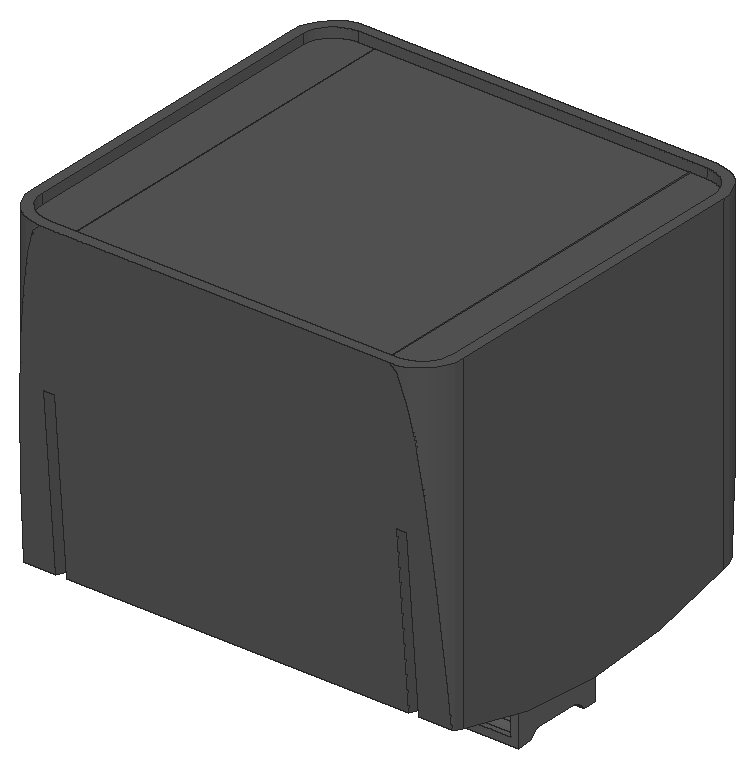
Revit family "Electronics_Desono_Biamp_Two-Way-Surface-Mount-Loudspeaker_KUBO5_KUBO5T", category Communication Devices, host Face, Revit 2020
Family settings
  Host = Face
  Maintain Annotation Orientation = No
  Round Connector Dimension = Use Diameter
  Part Type = Normal
  OmniClass Number = 23.85.10.11.14.14.14
  Cut with Voids When Loaded = No
  Shared = No
  Room Calculation Point = No
Parameters (values of type "KUBO5 B")
  Width = 0' - 6.45669"  # constant formula
  Weight = 3.74786 lbf
  URL = "https://www.biamp.com/"
  Transformer = ""
  Transducers = "LF 1 x 5.25 (133 mm) coated paper cone; HF 1 x 1 (25 mm) soft dome"  # constant formula
  Rotate angle [instance] = 0.00°
  Recommended Amplifers = "50W - 100W @ 8Ω (20V - 28V)"
  Protection = "3-step self-resetting protection"  # constant formula
  Product data url = "https://www.bimobject.com/biamp/product/kubo5_desono-surface-mount"
  Product Page URL = "https://www.biamp.com/products/product-families/desono/surface-mount-loudspeakers#kubo5"
  Product Documentation Link = "https://downloads.biamp.com/assets/docs/default-source/data-sheets/biamp_data_sheet_desono_kubo5_mar23.pdf"
  Position Note [instance] = "Please use values 1 and 2"  # constant formula
  Position [instance] = 1
  Operating Range (-10dB) = "115 Hz to 20 kHz"
  Operating Mode = "Passive"  # constant formula
  Operating Environment = "Indoor"  # constant formula
  Offset [instance] = if(Nom position = 1, 0' 3.34646", 0' 4.01575")  # 0' - 3.34646"
  Nominal Sensitivity @ 1m = "1W - 84dB; 2.83V - 84dB"
  Nominal Maximum SPL @ 1m = "Peak - 107dB; Continuous - 101dB"
  Nominal Beamwidth  (H x V) = "70° x 70°"
  Nom rotate [instance] = if(and(Position = 1, or(Rotate angle < -70.00°, Rotate angle = -70.00°)), -70.00°, if(and(Position = 1, and(Rotate angle > -70.00°, Rotate angle < -35.00°)), -35.00°, if(and(Position = 1, Rotate angle = -35.00°), -35.00°, if(and(Position = 1, and(Rotate angle > -35.00°, Rotate angle < 35.00°)), Rotate angle, if(and(Position = 1, Rotate angle = 35.00°), 35.00°, if(and(Position = 1, and(Rotate angle > 35.00°, Rotate angle < 70.00°)), 35.00°, if(and(Position = 1, or(Rotate angle > 70.00°, Rotate angle = 70.00°)), 70.00°, if(and(Position = 2, or(Rotate angle < -70.00°, Rotate angle = -70.00°)), -70.00°, if(and(Position = 2, and(Rotate angle > -70.00°, Rotate angle < 70.00°)), Rotate angle, if(and(Position = 2, or(Rotate angle > 70.00°, Rotate angle = 70.00°)), 70.00°, 0.00°))))))))))  # 0.00°
  Nom position [instance] = if(Position = 1, 1, 2)  # 1
  Mounting Provisions = "U-bracket"  # constant formula
  Model = "KUBO5 B"
  Manufacturer = "Biamp"  # constant formula
  Input Connection = "(2x) 2-way Euroblock connectors for daisy-chaining;connectors accept up to 12 AWG (2.5 mm²)conductors"  # constant formula
  Housing Material = Biamp - Plastic - Black
  Height = 0' - 6.10236"  # constant formula
  Grill Material = Biamp - Plastic - Black(Grid)
  Environmental = "IP40 per IEC 60529"  # constant formula
  Description = "Desono™ KUBO5 Two-Way 5.25-Inch Surface Mount Loudspeaker"
  Depth = 0' - 5.35433"  # constant formula
  Default Elevation = 4' - 0"
  Controls = ""
  Continuous Power Handling Nominal Impedance = "20V; 50W @ 8Ω (200W peak)"
  Connector Description = "2-way Euroblock; 20V 50W 8Ω (200W peak)"
  Bracket Material = Biamp - Metal - Black
Types (5): name | Weight | Transformer | Recommended Amplifers | Product data url | Product Page URL | Product Documentation Link | Operating Range (-10dB) | Nominal Sensitivity @ 1m | Nominal Maximum SPL @ 1m | Nominal Beamwidth  (H x V) | Model | Housing Material | Grill Material | Description | Controls | Continuous Power Handling Nominal Impedance | Connector Description | Bracket Material
  (no name) | 3.74786 lbf | "" | "50W - 100W @ 8Ω (20V - 28V)" | "https://www.bimobject.com/biamp/product/kubo5_desono-surface-mount" | "https://www.biamp.com/products/product-families/desono/surface-mount-loudspeakers#kubo5" | "https://downloads.biamp.com/assets/docs/default-source/data-sheets/biamp_data_sheet_desono_kubo5_mar23.pdf" | "115 Hz to 20 kHz" | "1W - 84dB; 2.83V - 84dB" | "Peak - 107dB; Continuous - 101dB" | "70° x 70°" | "KUBO5 B" | Biamp - Plastic - Black | Biamp - Plastic - Black(Grid) | "Desono™ KUBO5 Two-Way 5.25-Inch Surface Mount Loudspeaker" | "" | "20V; 50W @ 8Ω (200W peak)" | "2-way Euroblock; 20V 50W 8Ω (200W peak)" | Biamp - Metal - Black
  KUBO5 B | 3.74786 lbf | "" | "50W - 100W @ 8Ω (20V - 28V)" | "https://www.bimobject.com/biamp/product/kubo5_desono-surface-mount" | "https://www.biamp.com/products/product-families/desono/surface-mount-loudspeakers#kubo5" | "https://downloads.biamp.com/assets/docs/default-source/data-sheets/biamp_data_sheet_desono_kubo5_mar23.pdf" | "115 Hz to 20 kHz" | "1W - 84dB; 2.83V - 84dB" | "Peak - 107dB; Continuous - 101dB" | "70° x 70°" | "KUBO5 B" | Biamp - Plastic - Black | Biamp - Plastic - Black(Grid) | "Desono™ KUBO5 Two-Way 5.25-Inch Surface Mount Loudspeaker" | "" | "20V; 50W @ 8Ω (200W peak)" | "2-way Euroblock; 20V 50W 8Ω (200W peak)" | Biamp - Metal - Black
  KUBO5 W | 3.74786 lbf | "" | "50W - 100W @ 8Ω (20V - 28V)" | "https://www.bimobject.com/biamp/product/kubo5_desono-surface-mount" | "https://www.biamp.com/products/product-families/desono/surface-mount-loudspeakers#kubo5" | "https://downloads.biamp.com/assets/docs/default-source/data-sheets/biamp_data_sheet_desono_kubo5_mar23.pdf" | "115 Hz to 20 kHz" | "1W - 84dB; 2.83V - 84dB" | "Peak - 107dB; Continuous - 101dB" | "70° x 70°" | "KUBO5 W" | Biamp - Plastic - White | Biamp - Plastic - White(Grid) | "Desono™ KUBO5 Two-Way 5.25-Inch Surface Mount Loudspeaker" | "" | "20V; 50W @ 8Ω (200W peak)" | "2-way Euroblock; 20V 50W 8Ω (200W peak)" | Biamp - Metal - White
  KUBO5T W | 4.41 lbf | "70V: 10W, 5W, 2.5W, 1.25W;100V: 10W, 5W, 2.5W" | "50W - 100W @ 16Ω (28V - 40V)" | "https://www.bimobject.com/biamp/product/kubo5t_desono-surface-mount" | "https://www.biamp.com/products/product-families/desono/surface-mount-loudspeakers#kubo5t" | "https://downloads.biamp.com/assets/docs/default-source/data-sheets/biamp_data_sheet_kubo5t_loudspeaker_mar23.pdf" | "94 Hz to 20 kHz" | "1W - 87dB; 2.83V - 84dB" | "Peak - 110dB; Continuous - 104dB" | "80° x 80°" | "KUBO5T W" | Biamp - Plastic - White | Biamp - Plastic - White(Grid) | "Desono™ KUBO5T Two-Way 5.25-Inch Surface Mount Loudspeaker" | "Power tap / low impedance selector switch" | "28V; 50W @ 16Ω (200W peak)" | "2-way Euroblock; Low impedance 16 ohms, 70V/100V operation" | Biamp - Metal - White
  KUBO5T B | 4.40925 lbf | "70V: 10W, 5W, 2.5W, 1.25W;100V: 10W, 5W, 2.5W" | "50W - 100W @ 16Ω (28V - 40V)" | "https://www.bimobject.com/biamp/product/kubo5t_desono-surface-mount" | "https://www.biamp.com/products/product-families/desono/surface-mount-loudspeakers#kubo5t" | "https://downloads.biamp.com/assets/docs/default-source/data-sheets/biamp_data_sheet_kubo5t_loudspeaker_mar23.pdf" | "94 Hz to 20 kHz" | "1W - 87dB; 2.83V - 84dB" | "Peak - 110dB; Continuous - 104dB" | "80° x 80°" | "KUBO5T B" | Biamp - Plastic - Black | Biamp - Plastic - Black(Grid) | "Desono™ KUBO5T Two-Way 5.25-Inch Surface Mount Loudspeaker" | "Power tap / low impedance selector switch" | "28V; 50W @ 16Ω (200W peak)" | "2-way Euroblock; Low impedance 16 ohms, 70V/100V operation" | Biamp - Metal - Black
Reference planes (in)
  plane 1 "Center (Front/Back)": y = 0
  plane 2: z = 0
  plane 3 "Center (Left/Right)": x = 0
  plane 4: z = 3.34646
Forms (in)
  Sweep 1, solid, material "Biamp - Metal - Black" <- "Bracket Material", detail levels coarse
    path origin (0, 0, 0) x (1, 0, 0) y (0, 1, 0)
      loop
        line (0, -0.70866) -> (0, 0.70866)
    profile origin (0, 0, 0) x (-1, 0, 0) y (0, 0, 1)
      loop
        line (2.67717, 0) -> (2.67717, 4.45374) -> (2.55906, 4.45374) -> (2.55906, 0.11811) -> (-2.55906, 0.11811) -> (-2.55906, 4.45374) -> (-2.67717, 4.45374) -> (-2.67717, 0) -> (2.67717, 0)
  Sweep 2, solid, material "Biamp - Metal - Black" <- "Bracket Material", detail levels medium+fine
    path origin (0.57087, 0, 0) x (1, 0, 0) y (0, 1, 0)
      loop
        line (-3.24803, 0) -> (2.1063, 0)
    profile origin (0, 0, 0) x (0, 1, 0) y (0, 0, 1)
      loop
        line (0.70866, 0) -> (0.70866, 0.11811) -> (0.6285, 0.11811)
        arc (0.6285, 0.11811) -> (0.55776, 0.13218) -> (0.4978, 0.17225) r 0.18483
        line (0.4978, 0.17225) -> (0.46414, 0.2059)
        arc (0.46414, 0.2059) -> (0.42616, 0.23129) -> (0.38135, 0.2402) r 0.11709
        line (0.38135, 0.2402) -> (-0.38135, 0.2402)
        arc (-0.38135, 0.2402) -> (-0.42616, 0.23129) -> (-0.46414, 0.2059) r 0.11709
        line (-0.46414, 0.2059) -> (-0.4978, 0.17225)
        arc (-0.4978, 0.17225) -> (-0.55776, 0.13218) -> (-0.6285, 0.11811) r 0.18483
        line (-0.6285, 0.11811) -> (-0.70866, 0.11811) -> (-0.70866, 0) -> (-0.55562, 0)
        arc (-0.55562, 0) -> (-0.50702, 0.00967) -> (-0.46582, 0.0372) r 0.12699
        line (-0.46582, 0.0372) -> (-0.39324, 0.10977)
        arc (-0.39324, 0.10977) -> (-0.3796, 0.11889) -> (-0.3635, 0.12209) r 0.04206
        line (-0.3635, 0.12209) -> (0.3635, 0.12209)
        arc (0.3635, 0.12209) -> (0.3796, 0.11889) -> (0.39324, 0.10977) r 0.04206
        line (0.39324, 0.10977) -> (0.46582, 0.0372)
        arc (0.46582, 0.0372) -> (0.50702, 0.00967) -> (0.55562, 0) r 0.12699
        line (0.55562, 0) -> (0.70866, 0)
  Sweep 3, solid, material "Biamp - Metal - Black" <- "Bracket Material", detail levels medium+fine
    path origin (-0.57087, 0, 0) x (1, 0, 0) y (0, 1, 0)
      loop
        line (-2.1063, 0) -> (-1.98819, 0)
    profile origin (-2.61811, 0, 0) x (0, 1, 0) y (0, 0, 1)
      loop
        line (0.70866, 0.11811) -> (0.70866, 3.74508)
        arc (0.70866, 3.74508) -> (0, 4.45374) -> (-0.70866, 3.74508) r 0.70866
        line (-0.70866, 3.74508) -> (-0.70866, 0.11811) -> (-0.6285, 0.11811)
        arc (-0.6285, 0.11811) -> (-0.55776, 0.13218) -> (-0.4978, 0.17225) r 0.18483
        line (-0.4978, 0.17225) -> (-0.46414, 0.2059)
        arc (-0.46414, 0.2059) -> (-0.42616, 0.23129) -> (-0.38135, 0.2402) r 0.11709
        line (-0.38135, 0.2402) -> (0.38135, 0.2402)
        arc (0.38135, 0.2402) -> (0.42616, 0.23129) -> (0.46414, 0.2059) r 0.11709
        line (0.46414, 0.2059) -> (0.4978, 0.17225)
        arc (0.4978, 0.17225) -> (0.55776, 0.13218) -> (0.6285, 0.11811) r 0.18483
        line (0.6285, 0.11811) -> (0.70866, 0.11811)
  Sweep 4, solid, material "Biamp - Metal - Black" <- "Bracket Material", detail levels medium+fine
    path origin (0.57087, 0, 0) x (-1, 0, 0) y (0, 1, 0)
      loop
        line (-2.1063, 0) -> (-1.98819, 0)
    profile origin (2.61811, 0, 0) x (0, -1, 0) y (0, 0, 1)
      loop
        line (-0.70866, 0.11811) -> (-0.6285, 0.11811)
        arc (-0.6285, 0.11811) -> (-0.55776, 0.13218) -> (-0.4978, 0.17225) r 0.18483
        line (-0.4978, 0.17225) -> (-0.46414, 0.2059)
        arc (-0.46414, 0.2059) -> (-0.42616, 0.23129) -> (-0.38135, 0.2402) r 0.11709
        line (-0.38135, 0.2402) -> (0.38135, 0.2402)
        arc (0.38135, 0.2402) -> (0.42616, 0.23129) -> (0.46414, 0.2059) r 0.11709
        line (0.46414, 0.2059) -> (0.4978, 0.17225)
        arc (0.4978, 0.17225) -> (0.55776, 0.13218) -> (0.6285, 0.11811) r 0.18483
        line (0.6285, 0.11811) -> (0.70866, 0.11811) -> (0.70866, 3.74508)
        arc (0.70866, 3.74508) -> (0, 4.45374) -> (-0.70866, 3.74508) r 0.70866
        line (-0.70866, 3.74508) -> (-0.70866, 0.11811)
  Extrusion 5, void
    sketch origin (0.57087, 0, 0) x (1, 0, 0) y (0, 1, 0)
      loop
        arc (-1.69632, 0.09434) -> (-1.74014, 0.07619) -> (-1.75829, 0.03237) r 0.06197
        line (-1.75829, 0.03237) -> (-1.75829, -0.03237)
        arc (-1.75829, -0.03237) -> (-1.74014, -0.07619) -> (-1.69632, -0.09434) r 0.06197
        line (-1.69632, -0.09434) -> (-1.47577, -0.09434)
        arc (-1.47577, -0.09434) -> (-1.43195, -0.07619) -> (-1.4138, -0.03237) r 0.06197
        line (-1.4138, -0.03237) -> (-1.4138, 0.03237)
        arc (-1.4138, 0.03237) -> (-1.43195, 0.07619) -> (-1.47577, 0.09434) r 0.06197
        line (-1.47577, 0.09434) -> (-1.69632, 0.09434)
      loop
        line (1.4917, 0.11027) -> (1.4917, -0.11027)
        arc (1.4917, -0.11027) -> (1.50985, -0.15409) -> (1.55367, -0.17224) r 0.06197
        line (1.55367, -0.17224) -> (1.61842, -0.17224)
        arc (1.61842, -0.17224) -> (1.66224, -0.15409) -> (1.68039, -0.11027) r 0.06197
        line (1.68039, -0.11027) -> (1.68039, 0.11027)
        arc (1.68039, 0.11027) -> (1.66224, 0.15409) -> (1.61842, 0.17224) r 0.06197
        line (1.61842, 0.17224) -> (1.55367, 0.17224)
        arc (1.55367, 0.17224) -> (1.50985, 0.15409) -> (1.4917, 0.11027) r 0.06197
      loop
        arc (-0.87093, -0.12033) -> (-0.84131, -0.19184) -> (-0.7698, -0.22146) r 0.10113
        line (-0.7698, -0.22146) -> (0.7698, -0.22146)
        arc (0.7698, -0.22146) -> (0.84131, -0.19184) -> (0.87093, -0.12033) r 0.10113
        line (0.87093, -0.12033) -> (0.87093, 0.12033)
        arc (0.87093, 0.12033) -> (0.84131, 0.19184) -> (0.7698, 0.22146) r 0.10113
        line (0.7698, 0.22146) -> (-0.7698, 0.22146)
        arc (-0.7698, 0.22146) -> (-0.84131, 0.19184) -> (-0.87093, 0.12033) r 0.10113
        line (-0.87093, 0.12033) -> (-0.87093, -0.12033)
    from 0 to 1.14612
Cuts and joins
  Extrusion 5 cuts Sweep 2
  Extrusion 5 cuts Sweep 3
  Extrusion 5 cuts Sweep 4
  joined: Sweep 2, Sweep 3, Sweep 4
  Extrusion 5 cuts Sweep 1
Lines and regions (in)
  Masking region 1
    outline origin (0, 0, 0) x (1, 0, 0) y (0, 0, 1)
      loop
        line (-2.67717, 4.45374) -> (-2.67717, 0) -> (2.67717, 0) -> (2.67717, 4.45374) -> (2.55906, 4.45374) -> (2.55906, 0.11811) -> (-2.55906, 0.11811) -> (-2.55906, 4.45374) -> (-2.67717, 4.45374)
  Masking region 2
    outline origin (0, 0, 0) x (0, 1, 0) y (0, 0, 1)
      loop
        line (0.70866, 0) -> (0.70866, 2.22687) -> (-0.70866, 2.22687) -> (-0.70866, 0) -> (-0.55562, 0)
        arc (-0.55562, 0) -> (-0.50702, 0.00967) -> (-0.46582, 0.0372) r 0.12699
        line (-0.46582, 0.0372) -> (-0.39324, 0.10977)
        arc (-0.39324, 0.10977) -> (-0.3796, 0.11889) -> (-0.3635, 0.12209) r 0.04206
        line (-0.3635, 0.12209) -> (0.3635, 0.12209)
        arc (0.3635, 0.12209) -> (0.3796, 0.11889) -> (0.39324, 0.10977) r 0.04206
        line (0.39324, 0.10977) -> (0.46582, 0.0372)
        arc (0.46582, 0.0372) -> (0.50702, 0.00967) -> (0.55562, 0) r 0.12699
        line (0.55562, 0) -> (0.70866, 0)
  reference lines
    curve 1: line (0, 0, 3.34646) -> (0, 0, 9.25197)
Dimensions and locks (in)
  "Offset": plane 4 to plane 2
  "Nom rotate": angle curve 1 to plane 1 "Center (Front/Back)"
  aligned and locked: plane 2 to host face
  aligned and locked: level to host face
  aligned and locked: plane 4 to curve 1
  aligned and locked: plane 1 "Center (Front/Back)" to curve 1
Automatic sketch dimensions
  host sketch curve to host sketch curve = 8' - 0"  (x2)
  Sweep 1 sketch curve to plane 3 "Center (Left/Right)" = 0' - 0"
  plane 1 "Center (Front/Back)" to Sweep 1 sketch curve = 0' - 0.70866"
  Sweep 1 sketch curve to plane 1 "Center (Front/Back)" = 0' - 0.70866"
  Sweep 1 sketch curve to level = 0' - 0"
  profile plane to Sweep 1 sketch curve = 0' - 2.67717"
  Sweep 1 sketch curve to Sweep 1 sketch curve = 0' - 0.11811"  (x2)
  level to Sweep 1 sketch curve = 0' - 0.11811"
  Sweep 1 sketch curve to profile plane = 0' - 2.55906"
  Sweep 1 sketch curve to Sweep 1 sketch curve = 0' - 4.33563"  (x2)
  plane 1 "Center (Front/Back)" to Sweep 2 sketch curve = 0' - 0"
  Sweep 2 sketch curve to plane 3 "Center (Left/Right)" = 0' - 2.67717"
  plane 3 "Center (Left/Right)" to Sweep 2 sketch curve = 0' - 2.67717"
  Sweep 2 sketch curve to level = 0' - 0"  (x2)
  profile plane to Sweep 2 sketch curve = 0' - 0.70866"
  Sweep 2 sketch curve to Sweep 2 sketch curve = 0' - 0.08017"  (x2)
  Sweep 2 sketch curve to Sweep 2 sketch curve = 0' - 0.07288"
  level to Sweep 2 sketch curve = 0' - 0.17225"  (x2)
  Sweep 2 sketch curve to Sweep 2 sketch curve = 0' - 0.05782"
  level to Sweep 2 sketch curve = 0' - 0.0372"  (x2)
  Sweep 2 sketch curve to Sweep 2 sketch curve = 0' - 0.0898"  (x2)
  level to Sweep 2 sketch curve = 0' - 0.2059"  (x2)
  Sweep 2 sketch curve to Sweep 2 sketch curve = 0' - 0.03366"  (x2)
  level to Sweep 2 sketch curve = 0' - 0.10977"  (x2)
  Sweep 2 sketch curve to Sweep 2 sketch curve = 0' - 0.07257"  (x2)
  Sweep 2 sketch curve to Sweep 2 sketch curve = 0' - 0.0119"  (x2)
  Sweep 2 sketch curve to Sweep 2 sketch curve = 0' - 0.02974"  (x2)
  Sweep 2 sketch curve to profile plane = 0' - 0.3635"
  Sweep 2 sketch curve to Sweep 2 sketch curve = 0' - 0.01784"
  Sweep 2 sketch curve to Sweep 2 sketch curve = 0' - 0.0828"
  Sweep 2 sketch curve to Sweep 2 sketch curve = 0' - 0.13069"
  Sweep 2 sketch curve to Sweep 2 sketch curve = 0' - 0.00888"
  Sweep 2 sketch curve to Sweep 2 sketch curve = 0' - 0.11811"
  Sweep 2 sketch curve to Sweep 2 sketch curve = 0' - 0.01334"
  plane 1 "Center (Front/Back)" to Sweep 3 sketch curve = 0' - 0"
  Sweep 3 sketch curve to plane 3 "Center (Left/Right)" = 0' - 2.67717"
  Sweep 3 sketch curve to Sweep 3 sketch curve = 0' - 0.11811"
  Sweep 3 sketch curve to profile plane = 0' - 0"
  level to Sweep 3 sketch curve = 0' - 0.2402"
  profile plane to Sweep 3 sketch curve = 0' - 0.38135"
  level to Sweep 3 sketch curve = 0' - 0.2059"  (x2)
  Sweep 3 sketch curve to Sweep 3 sketch curve = 0' - 0.0828"
  level to Sweep 3 sketch curve = 0' - 0.17225"  (x2)
  Sweep 3 sketch curve to Sweep 3 sketch curve = 0' - 0.03366"  (x2)
  Sweep 3 sketch curve to Sweep 3 sketch curve = 0' - 0.13069"
  Sweep 3 sketch curve to Sweep 3 sketch curve = 0' - 0.08017"  (x2)
  level to Sweep 3 sketch curve = 0' - 0.1231"
  Sweep 3 sketch curve to Sweep 3 sketch curve = 0' - 0.32732"
  level to Sweep 3 sketch curve = 0' - 0.11811"  (x2)
  Sweep 3 sketch curve to Sweep 3 sketch curve = 0' - 3.44214"
  plane 1 "Center (Front/Back)" to Sweep 4 sketch curve = 0' - 0"
  Sweep 4 sketch curve to plane 3 "Center (Left/Right)" = 0' - 2.67717"
  Sweep 4 sketch curve to Sweep 4 sketch curve = 0' - 0.11811"
  Sweep 4 sketch curve to profile plane = 0' - 0"
  level to Sweep 4 sketch curve = 0' - 0.1231"
  profile plane to Sweep 4 sketch curve = 0' - 0.38135"
  level to Sweep 4 sketch curve = 0' - 0.2059"  (x2)
  Sweep 4 sketch curve to Sweep 4 sketch curve = 0' - 0.0828"  (x2)
  level to Sweep 4 sketch curve = 0' - 0.17225"  (x2)
  Sweep 4 sketch curve to Sweep 4 sketch curve = 0' - 0.03366"  (x2)
  Sweep 4 sketch curve to Sweep 4 sketch curve = 0' - 0.13069"  (x2)
  Sweep 4 sketch curve to Sweep 4 sketch curve = 0' - 0.08017"
  Sweep 4 sketch curve to Sweep 4 sketch curve = 0' - 0.32732"
  level to Sweep 4 sketch curve = 0' - 0.11811"  (x2)
  Sweep 4 sketch curve to Sweep 4 sketch curve = 0' - 3.44214"
  plane 1 "Center (Front/Back)" to Extrusion 5 sketch curve = 0' - 0.03237"  (x2)
  Extrusion 5 sketch curve to plane 3 "Center (Left/Right)" = 0' - 1.18742"
  Extrusion 5 sketch curve to Extrusion 5 sketch curve = 0' - 0.06197"  (x5)
  Extrusion 5 sketch curve to plane 1 "Center (Front/Back)" = 0' - 0.03237"
  Extrusion 5 sketch curve to Extrusion 5 sketch curve = 0' - 0.22055"
  Extrusion 5 sketch curve to Extrusion 5 sketch curve = 0' - 0"  (x2)
  Extrusion 5 sketch curve to plane 1 "Center (Front/Back)" = 0' - 0.12033"
  Extrusion 5 sketch curve to Extrusion 5 sketch curve = 0' - 0.54288"
  Extrusion 5 sketch curve to Extrusion 5 sketch curve = 0' - 0.10113"  (x3)
  plane 3 "Center (Left/Right)" to Extrusion 5 sketch curve = 0' - 1.34066"
  plane 1 "Center (Front/Back)" to Extrusion 5 sketch curve = 0' - 0.12033"
  plane 1 "Center (Front/Back)" to Extrusion 5 sketch curve = 0' - 0.11027"
  Extrusion 5 sketch curve to Extrusion 5 sketch curve = 0' - 0.62078"
  Extrusion 5 sketch curve to Extrusion 5 sketch curve = 0' - 0.06475"  (x2)
  Extrusion 5 sketch curve to plane 1 "Center (Front/Back)" = 0' - 0.11027"
  Masking region 1 sketch curve to level = 0' - 0"
  plane 4 to Masking region 1 sketch curve = 0' - 1.10728"  (x2)
  Masking region 1 sketch curve to plane 3 "Center (Left/Right)" = 0' - 2.67717"
  Masking region 1 sketch curve to Masking region 1 sketch curve = 0' - 0.11811"  (x2)
  level to Masking region 1 sketch curve = 0' - 0.11811"
  plane 3 "Center (Left/Right)" to Masking region 1 sketch curve = 0' - 2.55906"
  Masking region 2 sketch curve to level = 0' - 0"  (x2)
  plane 1 "Center (Front/Back)" to Masking region 2 sketch curve = 0' - 0.70866"
  Masking region 2 sketch curve to Masking region 2 sketch curve = 0' - 0.15304"
  level to Masking region 2 sketch curve = 0' - 0.0372"  (x2)
  Masking region 2 sketch curve to Masking region 2 sketch curve = 0' - 0.0898"
  level to Masking region 2 sketch curve = 0' - 0.10977"  (x2)
  Masking region 2 sketch curve to Masking region 2 sketch curve = 0' - 0.07257"  (x2)
  Masking region 2 sketch curve to Masking region 2 sketch curve = 0' - 0.02974"  (x3)
  Masking region 2 sketch curve to plane 1 "Center (Front/Back)" = 0' - 0.3635"
  level to Masking region 2 sketch curve = 0' - 0.12699"
  Masking region 2 sketch curve to plane 1 "Center (Front/Back)" = 0' - 0.70866"
  Masking region 2 sketch curve to plane 4 = 0' - 1.11959"
Nested families (in)
  nested 1: "KUBO5" at (0, 0, 0.82677), Grill <- "Grill Material", Housing Material <- "Housing Material", type "KUBO3"
    with Housing Material Biamp - Plastic - Black, Grill Biamp - Plastic - Black(Grid)
Connectors (in)
  electrical at (0.51643, 0, 1.18983), driven by "Connector Description"
    settings: on nested 1, index 1, voltage 0 V, apparent load 0 VA, apparent load phase1 0 VA, apparent load phase2 0 VA, apparent load phase3 0 VA, power factor 1, load classification "Other", number of poles 1, system type 5, power factor state 1, is connector primary yes, connector utility no, sub classification motor no, connector description "2-way Euroblock; 20V 50W 8Ω (200W peak)"
  electrical at (-0.51643, 0, 1.18983)
    settings: on nested 1, index 2, voltage 0 V, apparent load 0 VA, apparent load phase1 0 VA, apparent load phase2 0 VA, apparent load phase3 0 VA, power factor 1, load classification "Other", number of poles 1, system type 5, power factor state 1, is connector primary no, connector utility no, sub classification motor no, connector description "2-way Euroblock; 20V 50W 8Ω (200W peak)"
Definition of nested family "KUBO5"
  Parameters (values of type "KUBO3")
    Housing Material [instance] = none
    Grill [instance] = none
    Default Elevation = 4' - 0"
  Reference planes (in)
    plane 1 "Center (Front/Back)": y = 0
    plane 2: z = 0
    plane 3 "Center (Left/Right)": x = 0
  Forms (in)
    Extrusion 1, solid, material <- "Housing Material", detail levels coarse
      sketch origin (0, 0, 0) x (0, 1, 0) y (0, 0, 1)
        loop
          line (3.05118, 5.3509) -> (-3.05118, 5.3509) -> (-2.62227, 0.44837)
          arc (-2.62227, 0.44837) -> (0, 0) -> (2.62227, 0.44837) r 7.89224
          line (2.62227, 0.44837) -> (3.05118, 5.3509)
      from -3.22835 to 3.22835
    Extrusion 2, solid, material <- "Housing Material", detail levels medium+fine
      sketch origin (0, 0, 0) x (0, 1, 0) y (0, 0, 1)
        loop
          line (3.05118, 5.3509) -> (-3.05118, 5.3509) -> (-2.62227, 0.44837)
          arc (-2.62227, 0.44837) -> (0, 0) -> (2.62227, 0.44837) r 7.89224
          line (2.62227, 0.44837) -> (3.05118, 5.3509)
      from -3.22835 to 3.22835
    Extrusion 3, void
      sketch origin (0, 0, 0) x (1, 0, 0) y (0, 1, 0)
        loop
          arc (-3.22835, 2.43999) -> (-3.04933, 2.87217) -> (-2.61716, 3.05118) r 0.61119
          line (-2.61716, 3.05118) -> (-3.22835, 3.05118) -> (-3.22835, 2.43999)
        loop
          line (3.22835, 2.43999) -> (3.22835, 3.05118) -> (2.61716, 3.05118)
          arc (2.61716, 3.05118) -> (3.04933, 2.87217) -> (3.22835, 2.43999) r 0.61119
        loop
          line (-3.22835, -2.43999) -> (-3.22835, -3.05118) -> (-2.61716, -3.05118)
          arc (-2.61716, -3.05118) -> (-3.04933, -2.87217) -> (-3.22835, -2.43999) r 0.61119
        loop
          arc (3.22835, -2.43999) -> (3.04933, -2.87217) -> (2.61716, -3.05118) r 0.61119
          line (2.61716, -3.05118) -> (3.22835, -3.05118) -> (3.22835, -2.43999)
      from 0 to 5.61502
    Extrusion 4, void
      sketch origin (0, 0, 0) x (1, 0, 0) y (0, 1, 0)
        loop
          arc (-2.61716, 2.8937) -> (-2.93798, 2.76081) -> (-3.07087, 2.43999) r 0.45371
          line (-3.07087, 2.43999) -> (-3.07087, -2.43999)
          arc (-3.07087, -2.43999) -> (-2.93798, -2.76081) -> (-2.61716, -2.8937) r 0.45371
          line (-2.61716, -2.8937) -> (2.61716, -2.8937)
          arc (2.61716, -2.8937) -> (2.93798, -2.76081) -> (3.07087, -2.43999) r 0.45371
          line (3.07087, -2.43999) -> (3.07087, 2.43999)
          arc (3.07087, 2.43999) -> (2.93798, 2.76081) -> (2.61716, 2.8937) r 0.45371
          line (2.61716, 2.8937) -> (-2.61716, 2.8937)
      from 5.20658 to 5.3509
    Extrusion 5, solid, material <- "Grill", detail levels medium+fine
      sketch origin (0, 0, 0) x (1, 0, 0) y (0, 1, 0)
        loop
          line (-2.3622, 2.8937) -> (-2.3622, -2.8937) -> (2.3622, -2.8937) -> (2.3622, 2.8937) -> (-2.3622, 2.8937)
      from 5.07669 to 5.20658
    Extrusion 6, void, detail levels medium+fine
      sketch origin (0, 0, 0) x (1, 0, 0) y (0, 1, 0)
        loop
          line (-2.3622, 2.8937) -> (-2.3622, -2.8937) -> (2.3622, -2.8937) -> (2.3622, 2.8937) -> (-2.3622, 2.8937)
      from 5.07669 to 5.20658
    Extrusion 7, void
      sketch origin (0, 0, 0) x (1, 0, 0) y (0, 0, 1)
        loop
          line (-1.64925, -0.00343) -> (0, -0.00343) -> (1.64925, -0.00343)
          arc (1.64925, -0.00343) -> (1.38581, 0.18266) -> (1.07003, 0.24832) r 0.79222
          line (1.07003, 0.24832) -> (0, 0.24832) -> (-1.07003, 0.24832)
          arc (-1.07003, 0.24832) -> (-1.38581, 0.18266) -> (-1.64925, -0.00343) r 0.79222
      from -0.59055 to 0.59055
    Extrusion 8, void
      sketch origin (0, 0, 0) x (1, 0, 0) y (0, 1, 0)
        loop
          line (-0.71328, -0.15675) -> (-0.31958, -0.15675) -> (-0.31958, 0.15675) -> (-0.71328, 0.15675) -> (-0.71328, -0.15675)
        loop
          line (0.71328, -0.15675) -> (0.71328, 0.15675) -> (0.31958, 0.15675) -> (0.31958, -0.15675) -> (0.71328, -0.15675)
      from 0.15686 to 0.36306
    Extrusion 9, void
      sketch origin (3.22835, 0, 0) x (0, 1, 0) y (0, 0, 1)
        loop
          line (-2.84654, 3.01181) -> (-2.84654, -0.25729) -> (2.84654, -0.25729) -> (2.84654, 3.01181) -> (2.43749, 3.01181) -> (2.43749, 4.78346) -> (-2.43749, 4.78346) -> (-2.43749, 3.01181) -> (-2.84654, 3.01181)
      from -5.94488 to -5.7874
    Extrusion 10, void
      sketch origin (3.22835, 0, 0) x (0, 1, 0) y (0, 0, 1)
        loop
          line (-2.84654, 3.01181) -> (-2.84654, -0.25729) -> (2.84654, -0.25729) -> (2.84654, 3.01181) -> (2.43749, 3.01181) -> (2.43749, 4.78346) -> (-2.43749, 4.78346) -> (-2.43749, 3.01181) -> (-2.84654, 3.01181)
      from -0.66929 to -0.51181
  Cuts and joins
    Extrusion 3, Extrusion 4, Extrusion 6, Extrusion 7, Extrusion 8, Extrusion 9, Extrusion 10 cuts Extrusion 2
    Extrusion 9, Extrusion 10 cuts Extrusion 1
  Lines and regions (in)
    Masking region 1
      outline origin (0, 0, 0) x (1, 0, 0) y (0, 1, 0)
        loop
          arc (-2.61716, 3.05118) -> (-3.04933, 2.87217) -> (-3.22835, 2.43999) r 0.61119
          line (-3.22835, 2.43999) -> (-3.22835, -2.43999)
          arc (-3.22835, -2.43999) -> (-3.04933, -2.87217) -> (-2.61716, -3.05118) r 0.61119
          line (-2.61716, -3.05118) -> (2.61716, -3.05118)
          arc (2.61716, -3.05118) -> (3.04933, -2.87217) -> (3.22835, -2.43999) r 0.61119
          line (3.22835, -2.43999) -> (3.22835, 2.43999)
          arc (3.22835, 2.43999) -> (3.04933, 2.87217) -> (2.61716, 3.05118) r 0.61119
          line (2.61716, 3.05118) -> (-2.61716, 3.05118)
    Masking region 2
      outline origin (0, 0, 0) x (1, 0, 0) y (0, 1, 0)
        loop
          line (-2.3622, 2.8937) -> (-2.61716, 2.8937)
          arc (-2.61716, 2.8937) -> (-2.93798, 2.76081) -> (-3.07087, 2.43999) r 0.45371
          line (-3.07087, 2.43999) -> (-3.07087, -2.43999)
          arc (-3.07087, -2.43999) -> (-2.93798, -2.76081) -> (-2.61716, -2.8937) r 0.45371
          line (-2.61716, -2.8937) -> (-2.3622, -2.8937) -> (-2.3622, 2.8937)
        loop
          line (2.3622, 2.8937) -> (2.3622, -2.8937) -> (2.61716, -2.8937)
          arc (2.61716, -2.8937) -> (2.93798, -2.76081) -> (3.07087, -2.43999) r 0.45371
          line (3.07087, -2.43999) -> (3.07087, 2.43999)
          arc (3.07087, 2.43999) -> (2.93798, 2.76081) -> (2.61716, 2.8937) r 0.45371
          line (2.61716, 2.8937) -> (2.3622, 2.8937)
    Masking region 3
      outline origin (0, 0, 0) x (1, 0, 0) y (0, 1, 0)
        loop
          line (-2.3622, 2.8937) -> (-2.3622, -2.8937) -> (2.3622, -2.8937) -> (2.3622, 2.8937) -> (-2.3622, 2.8937)
    Masking region 4
      outline origin (0, 0, 0) x (1, 0, 0) y (0, 0, 1)
        loop
          line (-3.22835, 5.3509) -> (-3.22835, 0) -> (-2.71654, 0) -> (-2.71654, 3.01181) -> (-2.55906, 3.01181) -> (-2.55906, 0) -> (2.55906, 0) -> (2.55906, 3.01181) -> (2.71654, 3.01181) -> (2.71654, 0) -> (3.22835, 0) -> (3.22835, 5.3509) -> (-3.22835, 5.3509)
    Masking region 5
      outline origin (0, 0, 0) x (0, 1, 0) y (0, 0, 1)
        loop
          line (-3.05118, 5.3509) -> (-2.62227, 0.44837)
          arc (-2.62227, 0.44837) -> (0, 0) -> (2.62227, 0.44837) r 7.89224
          line (2.62227, 0.44837) -> (3.05118, 5.3509) -> (-3.05118, 5.3509)
  Dimensions and locks (in)
    aligned and locked: level to plane 2
